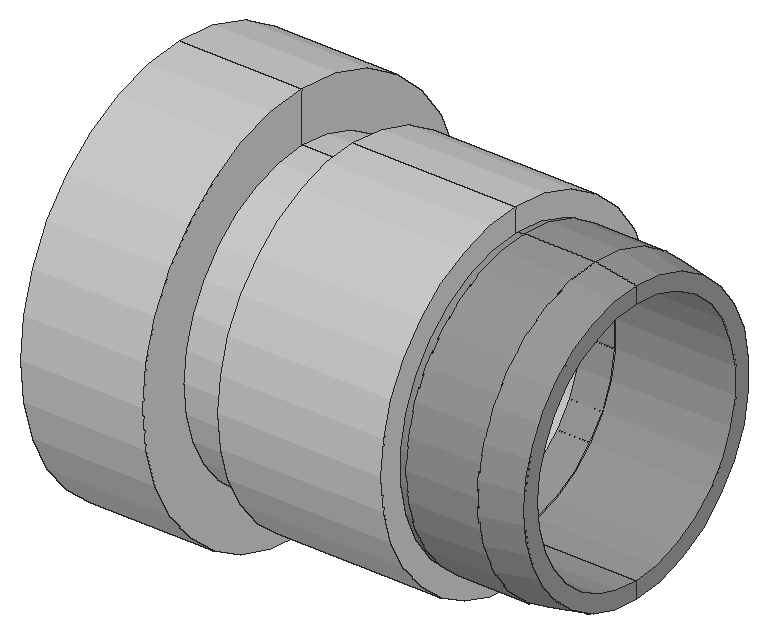
Revit family "6292_Klemmset (metallisch dichtend)", category Rohrformteile, Revit 2021
Family settings
  Bemaßung runder Anschluss = Durchmesser verwenden
  Teiletyp = Verbindung
  OmniClass-Nummer = 23.65.55.14
  OmniClass-Titel = Valves for Liquid Services
  Arbeitsebenenbasiert = Nein
  Immer vertikal = Ja
  Beim Laden mit Abzugskörper schneiden = Nein
  Gemeinsam genutzt = Nein
Parameters (values of type "G3/8 x 12mm")
  Vorgabe-Ansicht = 0.00 mm
  URL = "www.herz-armaturen.at"
  SCRNSEQ = "AWI;AWI_TYP=\"1001\";2"
  SCRNCODE = "07;01;02"  # constant formula
  S03 = 5.00 mm  # constant formula
  S02 = 5.00 mm  # constant formula
  S01 [instance] = KA00 + KL00  # 22.40 mm
  Nennweite_Stahl [instance] = if([3_8x12mm], 10.00 mm, if([1_2x15mm], 15.00 mm, if([3_4x18mm], 20.00 mm, 0.00 mm)))  # 10.00 mm
  Nennweite_Kupfer [instance] = if(Nennweite_Stahl = 10.00 mm, 12.00 mm, if(Nennweite_Stahl = 15.00 mm, 15.00 mm, if(Nennweite_Stahl = 20.00 mm, 18.00 mm, 0.00 mm)))  # 12.00 mm
  Mutter = "CW614N"  # constant formula
  Medium = "Heizungswasser nach ÖNORM H5195 oder VDI- Richtlinie 2035.\r\nDie Verwendung von Ethylen- oder Propyleneglykol in einem Mischungsverhältnis 25- 50% ist zulässig."
  Max. Betriebstemperatur = 110 °C  # constant formula
  Max. Betriebsdruck = "gemäß EN 1254-2: 1988, Tabelle 5"  # constant formula
  ML02 [instance] = if(Nennweite_Stahl = 10.00 mm, 8.00 mm, if(Nennweite_Stahl = 15.00 mm, 9.50 mm, if(Nennweite_Stahl = 20.00 mm, 12.50 mm, 0.00 mm)))  # 8.00 mm
  ML01 [instance] = if(Nennweite_Stahl = 10.00 mm, 6.00 mm, if(Nennweite_Stahl = 15.00 mm, 7.50 mm, if(Nennweite_Stahl = 20.00 mm, 7.50 mm, 0.00 mm)))  # 6.00 mm
  ML00 [instance] = if(Nennweite_Stahl = 10.00 mm, 16.50 mm, if(Nennweite_Stahl = 15.00 mm, 20.50 mm, if(Nennweite_Stahl = 20.00 mm, 23.00 mm, 0.00 mm)))  # 16.50 mm
  MD03 [instance] = if(Nennweite_Stahl = 10.00 mm, 6.10 mm, if(Nennweite_Stahl = 15.00 mm, 7.60 mm, if(Nennweite_Stahl = 20.00 mm, 9.10 mm, 0.00 mm)))  # 6.10 mm
  MD02 [instance] = if(Nennweite_Stahl = 10.00 mm, 8.30 mm, if(Nennweite_Stahl = 15.00 mm, 10.33 mm, if(Nennweite_Stahl = 20.00 mm, 13.07 mm, 0.00 mm)))  # 8.30 mm
  MD01 [instance] = MD02 - 1.00 mm  # 7.30 mm
  MD00 [instance] = if(Nennweite_Stahl = 10.00 mm, 9.80 mm, if(Nennweite_Stahl = 15.00 mm, 12.70 mm, if(Nennweite_Stahl = 20.00 mm, 15.00 mm, 0.00 mm)))  # 9.80 mm
  Klemmring = "CW614N"  # constant formula
  KL01 [instance] = if(Nennweite_Stahl = 10.00 mm, 2.00 mm, if(Nennweite_Stahl = 15.00 mm, 3.00 mm, if(Nennweite_Stahl = 20.00 mm, 3.00 mm, 0.00 mm)))  # 2.00 mm
  KL00 [instance] = if(Nennweite_Stahl = 10.00 mm, 7.50 mm, if(Nennweite_Stahl = 15.00 mm, 9.00 mm, if(Nennweite_Stahl = 20.00 mm, 9.00 mm, 0.00 mm)))  # 7.50 mm
  KD01 [instance] = MD03 + 0.80 mm  # 6.90 mm
  KD00 [instance] = if(Nennweite_Stahl = 10.00 mm, 7.25 mm, if(Nennweite_Stahl = 15.00 mm, 8.85 mm, if(Nennweite_Stahl = 20.00 mm, 10.35 mm, 0.00 mm)))  # 7.25 mm
  KA00 [instance] = if(Nennweite_Stahl = 10.00 mm, 14.90 mm, if(Nennweite_Stahl = 15.00 mm, 18.90 mm, if(Nennweite_Stahl = 20.00 mm, 21.35 mm, 0.00 mm)))  # 14.90 mm
  Hersteller = "HERZ Armaturen Ges.m.b.H."  # constant formula
  Bestellnummer [instance] = if(Nennweite_Stahl = 10.00 mm, 1629200, if(Nennweite_Stahl = 15.00 mm, 1629201, if(Nennweite_Stahl = 20.00 mm, 1629202, 0)))  # 1629200
  Ausführung = "6292 3/8 - 3/4 - 12 - 18mm:\r\nKlemmring metallisch dichtend zum Rohr, Klemmringschraube.\r\nEinsetzbar für Weichstahl- und Kupferrohre.\r\nNicht geeignet für verchromte Metallrohre oder Edelstahlrohre."
  Anwendungsgebiet = "Der Klemmring stellt eine absolut sichere Verbindung zwischen dem Ventilgehäuse und dem Rohr dar.\r\nDiese Verbindung eignet sich besonders für Kupferrohre und dünnwandige Stahlrohre und kann bei Bedarf jederzeit gelöst werden.\r\nEine einwandfreie Dichtheit auf Dauer ist dann gegeben, wenn die Montage gemäß der Verarbeitungsanleitung durchgeführt wurde.\r\r\n\r\nNach Anzug der Klemmschraube verkeilt sich der Klemmring zwischen Rohrwand und Innenkonus von Gehäuse und Klemmschraube.\r\nDabei wird das Rohr in seiner Lage durch Kraftschluss fixiert und gegen Axialverschiebung gesichert.\r\nDie dabei entstehende Pressung sorgt für sichere Dichtheit.\r\nDie innen im Klemmring befindlichen Rillen stellen eine Labyrinthdichtung dar und helfen Unebenheiten des Rohres zu überbrücken.\r\n\r\nDie Klemmverschraubung kann mehrmals gelöst werden und stellt eine einfache und sichere Verbindung dar.\r\nFür die Güte der Verbindung ist es wichtig, dass das Rohr gegen den Anschlag im Innenkonus stößt, also ausreichend tief eingeschoben ist.\r\n\r\nDie asymetrischen Klemmringe (6274, 6284, 6294) mit integrierten Reduzierhüllen ermöglichen den Rohranschluss von Rohren mit Durchmesser 8 - 16mm an einen Ventilkörper.\r\nDiese Ausführung stellt ein Optimum an Kombinationsmöglichkeiten sicher."
  3_8x12mm = yes
  3_4x18mm = no
  1_2x15mm = no
Types (4, lengths in mm): name | S01 | Nennweite_Stahl | Nennweite_Kupfer | ML02 | ML01 | ML00 | MD03 | MD02 | MD01 | MD00 | KL01 | KL00 | KD01 | KD00 | KA00 | Bestellnummer | 3_8x12mm | 3_4x18mm | 1_2x15mm
  (no name) | 22.40 | 10.00 | 12.00 | 8.00 | 6.00 | 16.50 | 6.10 | 8.30 | 7.30 | 9.80 | 2.00 | 7.50 | 6.90 | 7.25 | 14.90 | 1629200 | yes | no | no
  G3/8 x 12mm | 22.40 | 10.00 | 12.00 | 8.00 | 6.00 | 16.50 | 6.10 | 8.30 | 7.30 | 9.80 | 2.00 | 7.50 | 6.90 | 7.25 | 14.90 | 1629200 | yes | no | no
  G1/2 x 15mm | 27.90 | 15.00 | 15.00 | 9.50 | 7.50 | 20.50 | 7.60 | 10.33 | 9.33 | 12.70 | 3.00 | 9.00 | 8.40 | 8.85 | 18.90 | 1629201 | no | no | yes
  G3/4 x 18mm | 30.35 | 20.00 | 18.00 | 12.50 | 7.50 | 23.00 | 9.10 | 13.07 | 12.07 | 15.00 | 3.00 | 9.00 | 9.90 | 10.35 | 21.35 | 1629202 | no | yes | no
Reference planes
  plane 1 "Mitte (Vorne/hinten)": y = 0
  plane 2: z = 0
  plane 3 "Mitte (Links/rechts)": x = 0
Forms (mm)
  Revolve 1, solid, material "Messing, vernickelt", detail levels fine
    sketch origin (0, 0, 0) x (1, 0, 0) y (0, 0, 1)
      loop
        line (0, 6.1) -> (16.5, 6.1) -> (16.5, 8.3) -> (8.5, 8.3) -> (8.5, 7.3) -> (6, 7.3) -> (6, 9.8) -> (0, 9.8) -> (0, 6.1)
      axis (0, 0) -> (16.5, 0)
    angle from 0 to 360
  Revolve 2, solid, material "Messing, weicher Gelbton, geschweißt", detail levels fine
    sketch origin (0, 0, 0) x (1, 0, 0) y (0, 0, 1)
      loop
        line (14.9, 6.1) -> (22.4, 6.1) -> (22.4, 6.9) -> (20.4, 7.25) -> (16.9, 7.25) -> (14.9, 6.9) -> (14.9, 6.1)
      axis (14.9, 0) -> (22.4, 0)
    angle from 0 to 360
Lines and regions (mm)
  model lines, detail levels coarse+medium
    curve 1: line (0, 0, 0) -> (22.4, 0, 0)
    curve 2: line (17.4, 0, 9.8) -> (17.4, 0, -9.8)
    curve 3: line (17.4, 0, -9.8) -> (12.4, 0, -9.8)
    curve 4: line (12.4, 0, -9.8) -> (17.4, 0, 0)
    curve 5: line (17.4, 0, 9.8) -> (12.4, 0, 9.8)
    curve 6: line (12.4, 0, 9.8) -> (17.4, 0, 0)
    curve 7: line (17.4, 9.8, 0) -> (17.4, -9.8, 0)
    curve 8: line (17.4, -9.8, 0) -> (12.4, -9.8, 0)
    curve 9: line (12.4, -9.8, 0) -> (17.4, 0, 0)
    curve 10: line (17.4, 9.8, 0) -> (12.4, 9.8, 0)
    curve 11: line (12.4, 9.8, 0) -> (17.4, 0, 0)
Dimensions and locks
  "MD03": Revolve 1 sketch curve to plane 2
  "MD00": Revolve 1 sketch curve to plane 2
  "MD02": Revolve 1 sketch curve to plane 2
  "MD01": Revolve 1 sketch curve to plane 2
  "ML00": Revolve 1 sketch curve to plane 3 "Mitte (Links/rechts)"
  "ML01": Revolve 1 sketch curve to Revolve 1 sketch curve
  "ML02": Revolve 1 sketch curve to Revolve 1 sketch curve
  "KA00": Revolve 2 sketch curve to plane 3 "Mitte (Links/rechts)"
  "KL00": Revolve 2 sketch curve to Revolve 2 sketch curve
  "MD03": Revolve 2 sketch curve to plane 2
  "KD01": Revolve 2 sketch curve to plane 2  (x2)
  "KD00": Revolve 2 sketch curve to plane 2
  "KL01": Revolve 2 sketch curve to Revolve 2 sketch curve  (x2)
  "S01": curve 1 to curve 1
  "S02": curve 2 to curve 1
  "S03": curve 6 to curve 2
  "MD00": curve 5 to plane 2 to curve 3
  "S02": curve 7 to curve 1
  "S03": curve 11 to curve 7
  "MD00": curve 10 to plane 1 "Mitte (Vorne/hinten)" to curve 8
  aligned and locked: level to plane 2
Automatic sketch dimensions
  curve 1 to level = 0.00 mm
  curve 1 to plane 3 "Mitte (Links/rechts)" = 0.00 mm
  curve 4 to level = 0.00 mm
  curve 4 to curve 2 = 5.00 mm
  plane 1 "Mitte (Vorne/hinten)" to curve 9 = 0.00 mm
  plane 1 "Mitte (Vorne/hinten)" to curve 11 = 0.00 mm
  curve 9 to curve 7 = 5.00 mm
  Revolve 1 sketch curve to level = 0.00 mm
  Revolve 1 sketch curve to plane 3 "Mitte (Links/rechts)" = 0.00 mm
  Revolve 1 sketch curve to plane 3 "Mitte (Links/rechts)" = 1506.53 mm
  Revolve 1 sketch curve to Revolve 1 sketch curve = 1818.648 mm
  Revolve 2 sketch curve to level = 0.00 mm
  Revolve 2 sketch curve to plane 3 "Mitte (Links/rechts)" = 1506.53 mm
  Revolve 2 sketch curve to Revolve 2 sketch curve = 1811.255 mm
Connectors
  piping at (16.5, 0, 0), diameter 10, driven by "Nennweite_Stahl"
    settings: on Revolve 1, index 1, connector inside diameter 609.6 mm, connector length 0.00 mm, flow factor 0, pipe flow 0.0 L/s, pressure drop 0.0 Pa, fitting loss kfactor 0, connector angle 0.00°, fixture units 0, engagement length 0.00 mm, angle of deflection 0.00°, flow configuration 0, flow direction 0, fitting loss method 0, system type 29, joint type 0, gender type 0, connector reference index -1, connector utility 0, adjustable connector no, is connector primary yes, connector description ""
  piping at (14.9, 0, 0), diameter 12, driven by "Nennweite_Kupfer"
    settings: on Revolve 2, index 2, connector inside diameter 609.6 mm, connector length 0.00 mm, flow factor 0, pipe flow 0.0 L/s, pressure drop 0.0 Pa, fitting loss kfactor 0, connector angle 0.00°, fixture units 0, engagement length 0.00 mm, angle of deflection 0.00°, flow configuration 0, flow direction 0, fitting loss method 0, system type 29, joint type 0, gender type 0, connector reference index -1, connector utility 0, adjustable connector no, is connector primary no, connector description ""
